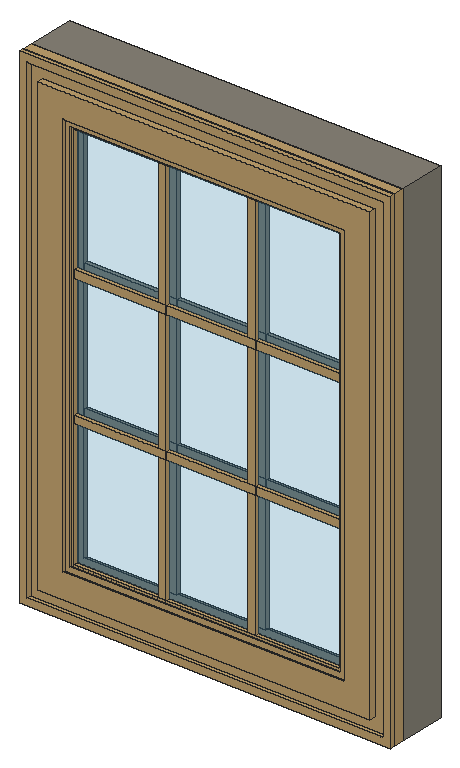
Revit family
Parameters (values of type "CMTT")
  Window Type = "Clad Magnum Tilt Turn"
  Vent Area = VO Width * VO Height  # 7.93663 SF
  VO Width = Width - 0' 8 1/8"  # 2' - 3 7/8"
  VO Height = Height - 0' 7"  # 3' - 5"
  URL = "www.marvin.com"
  Prairie Corner Width = 0' - 4"
  Prairie Corner Height = 0' - 4"
  Nominal Width = 3' - 0"
  Nominal Height = 4' - 0"
  Muntins Interior Material = Wood-Marvin-Pine
  Muntins Exterior Material = Aluminum-Marvin-Bronze
  Model = "CMTT"
  Manufacturer = "Marvin Windows and Doors"
  Lites Wide = 3
  Lites High = 3
  Lite Cut Prairie 9 = no
  Lite Cut HV Grid = not(Lite Cut Prairie 9)  # yes
  Label Visibility = no
  Label Egress = if(and(and(VO Width > 1' 8", VO Height > 2' 0"), Vent Area > 5.70 SF), "EGRESS WDW", "")  # "EGRESS WDW"
  Interior Material = Wood-Marvin-Pine
  Glazing Material = Glass-Marvin-IG Low E II with Argon
  Glass Type = "IG Low E II with Argon"
  Frame = "Aluminum Clad"
  Family created by = "www.rbuiltcomponents.com"
  Rough Width = Width + 0' 1"  # 3' - 1"
  Rough Height = Height + 0' 0 1/2"  # 4' - 0 1/2"
  Muntins Interior Visibility = yes
  Muntins Exterior Visibility = yes
  Jamb Extension Visibility = yes
  Inset to Installation Flange [instance] = 0' - 1"
  Height = Nominal Height  # 4' - 0"
  Elev Swing RH Visibility [instance] = yes
  Elev Swing LH Visibility [instance] = no
  Egress Window = if(and(and(VO Width > 1' 8", VO Height > 2' 0"), Vent Area > 5.70 SF), "Yes", "No")  # "Yes"
  Design Pressure = if(or(Width > 4' 0", Height > 6' 0"), "", "DP40")  # "DP40"
  Description = "TLT TRN"
  Default Head Height = 8' - 0"
  Wall Closure = (empty or 0)
  Width = Nominal Width  # 3' - 0"
  Daylight Area = DLO Width * DLO Height  # 6.80566 SF
  DLO Width = Width - 0' 10 1/8"  # 2' - 1 7/8"
  DLO Height = Height - 0' 10 1/8"  # 3' - 1 7/8"
  Cladding Material = Aluminum-Marvin-Bronze
  Assembly Code = ""
Reference planes (in)
  plane 1 "Center (Front/Back)": y = 0
  plane 2: z = 0
  plane 3 "Center (Left/Right)": x = -3
  plane 4 "Left": x = -21
  plane 5 "Right": x = 15
  plane 6 "Sill": z = 48
  plane 7 "Top": z = 96
  plane 8 "Inset": y = 2
  plane 9 "Jamb Ext Face": y = -2.5625
  plane 10: z = 72
  plane 11 "Glazing Face": y = -1.53125
  plane 12: y = -2.59375
Forms (in)
  Sweep 1, solid, material "Aluminum-Marvin-Bronze" <- "Cladding Material"
    path origin (0, -1.53125, 0) x (1, 0, 0) y (0, 0, 1)
      loop
        line (-21, 96) -> (-21, 48) -> (15, 48) -> (15, 96) -> (-21, 96)
    profile "Clad_Frame : Clad_Frame" origin (-21, -1.53125, 72) x (1, 0, 0) y (0, -1, 0)
      loop
        line (0.59458, -4.59375) -> (1.094, -1.33178) -> (1.52701, -1.08179) -> (2.50499, -1.08179) -> (2.938, -1.33178) -> (3.563, -1.33178) -> (3.563, -0.58179) -> (4.62225, -0.58179) -> (4.62225, -0.35179) -> (5.00909, -0.35179) -> (5.05853, 0) -> (0, 0) -> (0, -4.59375) -> (0.59458, -4.59375)
  Sweep 2, solid, material "Wood-Marvin-Pine" <- "Interior Material"
    path origin (0, -1.53125, 0) x (1, 0, 0) y (0, 0, 1)
      loop
        line (-21, 96) -> (-21, 48) -> (15, 48) -> (15, 96) -> (-21, 96)
    profile "Int_Frame : Int_Frame" origin (-21, -1.53125, 72) x (1, 0, 0) y (0, -1, 0)
      loop
        line (0, 1.031) -> (0, 0) -> (4.313, 0) -> (4.313, 0.9375) -> (5.063, 0.9375) -> (5.063, 1.3125) -> (4.844, 1.3125) -> (4.844, 1.4685) -> (4.313, 1.4685) -> (4.313, 1.656) -> (1.906, 1.656) -> (1.906, 1.031) -> (0, 1.031)
  Extrusion 3, solid, material "Wood-Marvin-Pine" <- "Interior Material", visible <- "Jamb Extension Visibility", detail levels medium+fine
    sketch origin (0, -2.5625, 0) x (1, 0, 0) y (0, 0, 1)
      loop
        line (-21, 96) -> (-21, 48) -> (15, 48) -> (15, 96) -> (-21, 96)
      loop
        line (-20.3125, 48.6875) -> (14.3125, 48.6875) -> (14.3125, 95.3125) -> (-20.3125, 95.3125) -> (-20.3125, 48.6875)
    from 0.03125 to 0.4375
  Extrusion 4, solid, material "Glass-Marvin-IG Low E II with Argon" <- "Glazing Material"
    sketch origin (0, -1.53125, 0) x (1, 0, 0) y (0, 0, 1)
      loop
        line (10.5, 91.5) -> (-16.5, 91.5) -> (-16.5, 52.5) -> (10.5, 52.5) -> (10.5, 91.5)
    from 0 to 0.15625
  Extrusion 5, solid, material "Glass-Marvin-IG Low E II with Argon" <- "Glazing Material"
    sketch origin (0, -1.53125, 0) x (1, 0, 0) y (0, 0, 1)
      loop
        line (10.5, 91.5) -> (-16.5, 91.5) -> (-16.5, 52.5) -> (10.5, 52.5) -> (10.5, 91.5)
    from 0.78125 to 0.90625
Lines and regions (in)
  Opening 1
    outline origin (-60, -3, 0) x (1, 0, 0) y (0, 0, 1)
      loop
        line (39, 96) -> (39, 48) -> (75, 48) -> (75, 96) -> (39, 96)
  Masking region 1
    outline origin (0, 0, 48) x (0, -1, 0) y (1, 0, 0)
      loop
        line (-3.0625, -21) -> (2.5625, -21) -> (2.5625, -19.094) -> (3.18725, -19.094) -> (3.18725, 13.094) -> (2.5625, 13.094) -> (2.5625, 15) -> (-3.0625, 15) -> (-3.0625, -21)
  Masking region 2
    outline origin (-3, 0, 0) x (0, 1, 0) y (0, 0, 1)
      loop
        line (3.0625, 96) -> (-2.5625, 96) -> (-2.5625, 94.094) -> (-3.18725, 94.094) -> (-3.18725, 49.906) -> (-2.5625, 49.906) -> (-2.5625, 48) -> (3.0625, 48) -> (3.0625, 96)
  Masking region 3, visible <- "Jamb Extension Visibility"
    outline origin (-3, 0, 0) x (0, 1, 0) y (0, 0, 1)
      loop
        line (-2.59375, 96) -> (-3, 96) -> (-3, 48) -> (-2.59375, 48) -> (-2.59375, 96)
  Masking region 4, visible <- "Jamb Extension Visibility"
    outline origin (0, 0, 0) x (1, 0, 0) y (0, 1, 0)
      loop
        line (15, -3) -> (15, -2.59375) -> (-21, -2.59375) -> (-21, -3) -> (15, -3)
  symbolic lines, style "Jamb Extension", visible <- "Jamb Extension Visibility", detail levels fine
    curve 1: line (-21, -3, 48) -> (-20.3125, -3, 48)
    curve 2: line (-20.3125, -3, 48) -> (-20.3125, -2.59375, 48)
    curve 3: line (15, -3, 48) -> (14.3125, -3, 48)
    curve 4: line (14.3125, -3, 48) -> (14.3125, -2.59375, 48)
    curve 5: line (-3, -3, 95.3125) -> (-3, -2.59375, 95.3125)
    curve 6: line (-3, -3, 48.6875) -> (-3, -2.59375, 48.6875)
  symbolic lines, style "WindowsFrameMullionProjection", detail levels coarse+medium
    curve 7: line (15, -2.5625, 0) -> (12.3745, -2.5625, 0)
    curve 8: line (12.3745, -2.5625, 0) -> (12.3745, -0.19947, 0)
    curve 9: line (14.40542, 3.0625, 0) -> (15, 3.0625, 0)
    curve 10: line (13.094, -3.18725, 0) -> (9.937, -3.18725, 0)
    curve 11: line (9.937, -3.18725, 0) -> (9.937, -0.94946, 0)
    curve 12: line (-18.3745, -0.94946, 0) -> (-15.937, -0.94946, 0)
    curve 13: line (-21, -2.5625, 0) -> (-18.3745, -2.5625, 0)
    curve 14: line (-18.3745, -2.5625, 0) -> (-18.3745, -0.19947, 0)
    curve 15: line (-20.40542, 3.0625, 0) -> (-21, 3.0625, 0)
    curve 16: line (-15.937, -3.18725, 0) -> (-15.937, -0.94946, 0)
    curve 17: line (-3, 3.0625, 96) -> (-3, 3.0625, 95.40542)
    curve 18: line (-3, -0.19947, 93.3745) -> (-3, -2.5625, 93.3745)
    curve 19: line (-3, -2.5625, 93.3745) -> (-3, -2.5625, 96)
    curve 20: line (-3, -0.94946, 93.3745) -> (-3, -0.94946, 90.937)
    curve 21: line (-3, -0.94946, 90.937) -> (-3, -3.18725, 90.937)
    curve 22: line (-3, -3.18725, 49.906) -> (-3, -3.18725, 53.063)
    curve 23: line (-3, 3.0625, 48) -> (-3, 3.0625, 48.59458)
    curve 24: line (-3, -0.19947, 50.6255) -> (-3, -2.5625, 50.6255)
    curve 25: line (-3, -2.5625, 50.6255) -> (-3, -2.5625, 48)
    curve 26: line (-3, -0.94946, 53.063) -> (-3, -3.18725, 53.063)
    curve 27: line (9.937, -3.18725, 0) -> (-15.937, -3.18725, 0)
    curve 28: line (9.937, -0.94946, 0) -> (12.3745, -0.94946, 0)
    curve 29: line (-15.937, -0.94946, 0) -> (9.937, -0.94946, 0)
    curve 30: line (-15.937, -3.18725, 0) -> (-19.094, -3.18725, 0)
    curve 31: line (-3, -3.18725, 53.063) -> (-3, -3.18725, 90.937)
    curve 32: line (-3, -0.94946, 53.063) -> (-3, -0.94946, 50.6255)
    curve 33: line (-3, -3.18725, 90.937) -> (-3, -3.18725, 94.094)
    curve 34: line (-3, -0.94946, 90.937) -> (-3, -0.94946, 53.063)
    curve 45: line (-19.906, -0.19947, 0) -> (-20.40542, 3.0625, 0)
    curve 46: line (-19.906, -0.19947, 0) -> (-18.3745, -0.19947, 0)
    curve 47: line (-19.094, -2.5625, 0) -> (-19.094, -3.18725, 0)
    curve 48: line (14.40542, 3.0625, 0) -> (13.906, -0.19947, 0)
    curve 49: line (12.3745, -0.19947, 0) -> (13.906, -0.19947, 0)
    curve 50: line (13.094, -3.18725, 0) -> (13.094, -2.5625, 0)
    curve 52: line (-3, -0.19947, 94.906) -> (-3, 3.0625, 95.40542)
    curve 53: line (-3, -0.19947, 93.3745) -> (-3, -0.19947, 94.906)
    curve 54: line (-3, -2.5625, 94.094) -> (-3, -3.18725, 94.094)
    curve 55: line (-3, -0.19947, 49.094) -> (-3, -0.19947, 50.6255)
    curve 56: line (-3, 3.0625, 48.59458) -> (-3, -0.19947, 49.094)
    curve 57: line (-3, -3.18725, 49.906) -> (-3, -2.5625, 49.906)
  symbolic lines, style "WindowsFrameMullionProjection", visible <- "Jamb Extension Visibility", detail levels coarse+medium
    curve 35: line (-20.3125, -2.59375, 48) -> (-20.3125, -3, 48)
    curve 36: line (-20.3125, -3, 48) -> (-21, -3, 48)
    curve 37: line (14.3125, -2.59375, 48) -> (14.3125, -3, 48)
    curve 38: line (14.3125, -3, 48) -> (15, -3, 48)
    curve 41: line (-3, -2.59375, 95.3125) -> (-3, -3, 95.3125)
    curve 42: line (-3, -3, 95.3125) -> (-3, -3, 96)
    curve 43: line (-3, -2.59375, 48.6875) -> (-3, -3, 48.6875)
    curve 44: line (-3, -3, 48.6875) -> (-3, -3, 48)
  symbolic lines, style "Jamb Extension", visible <- "Jamb Extension Visibility"
    curve 39: line (-3, -3, 48.6875) -> (-3, -3, 48)
    curve 40: line (-3, -3, 95.3125) -> (-3, -3, 96)
  symbolic lines, style "WindowsGlassProjection", detail levels coarse+medium
    curve 51: line (-15.937, -2.06835, 0) -> (9.937, -2.06835, 0)
    curve 58: line (-3, -2.06835, 53.063) -> (-3, -2.06835, 90.937)
  symbolic lines, style "Elevation Swing"
    curve 59: line (11.437, -1.53125, 92.437) -> (-3, -1.53125, 51.563)
    curve 60: line (-17.437, -1.53125, 92.437) -> (-3, -1.53125, 51.563)
  symbolic lines, style "Elevation Swing", visible <- "Elev Swing RH Visibility"
    curve 61: line (11.437, -1.53125, 51.563) -> (-17.437, -1.53125, 72)
    curve 62: line (11.437, -1.53125, 92.437) -> (-17.437, -1.53125, 72)
  symbolic lines, style "Elevation Swing", visible <- "Elev Swing LH Visibility"
    curve 63: line (-17.437, -1.53125, 51.563) -> (11.437, -1.53125, 72)
    curve 64: line (-17.437, -1.53125, 92.437) -> (11.437, -1.53125, 72)
Text (in)
  text "EXTERIOR" at (-58.6888, 50.90694, 0), in view "Ref. Level"
  text "INTERIOR" at (-58.6888, -37.76638, 0), in view "Ref. Level"
  text "Exterior" at (0, 43.65631, 123.19604), in view "Left"
  text "Exterior" at (0, 18.29385, 125.04747), in view "Right"
Dimensions and locks (in)
  equal spacing: plane 4 "Left", plane 3 "Center (Left/Right)", plane 5 "Right"
  "Width": plane 4 "Left" to plane 5 "Right"
  "Height": plane 6 "Sill" to plane 7 "Top"
  "Inset to Installation Flange": host wall to plane 8 "Inset"
  locked: plane 9 "Jamb Ext Face" to plane 8 "Inset" at 4.5625
  locked: Extrusion 4 sketch curve to plane 5 "Right" at 4.5
  locked: plane 4 "Left" to Extrusion 4 sketch curve at 4.5
  locked: Extrusion 4 sketch curve to plane 7 "Top" at 4.5
  locked: plane 6 "Sill" to Extrusion 4 sketch curve at 4.5
  equal spacing: plane 6 "Sill", plane 10, plane 7 "Top"
  "Default Head Height": plane 2 to plane 7 "Top"
  locked: Extrusion 3 sketch curve to Extrusion 3 sketch curve at 0.6875  (x2)
  locked: plane 7 "Top" to Extrusion 3 sketch curve at 0.6875
  locked: nested 4 to host wall at 12.00106
  locked: Extrusion 5 sketch curve to plane 7 "Top" at 4.5
  locked: Extrusion 5 sketch curve to plane 5 "Right" at 4.5
  locked: plane 6 "Sill" to Extrusion 5 sketch curve at 4.5
  locked: plane 4 "Left" to Extrusion 5 sketch curve at 4.5
  locked: plane 11 "Glazing Face" to Extrusion 4 at 0.15625
  locked: plane 11 "Glazing Face" to Extrusion 5 at 0.78125
  locked: plane 11 "Glazing Face" to Extrusion 5 at 0.90625
  locked: Extrusion 5 to Extrusion 5 at 0.125
  locked: nested 2 to plane 11 "Glazing Face" at 0.9375
  locked: plane 11 "Glazing Face" to plane 8 "Inset" at 3.53125
  locked: plane 12 to plane 9 "Jamb Ext Face" at 0.03125
  aligned and locked: plane 7 "Top" to Opening 1 sketch curve
  aligned and locked: plane 6 "Sill" to Opening 1 sketch curve  (x2)
  aligned and locked: plane 5 "Right" to Opening 1 sketch curve
  aligned and locked: plane 4 "Left" to Opening 1 sketch curve
  aligned and locked: nested 1 to plane 3 "Center (Left/Right)"
  aligned and locked: plane 8 "Inset" to nested 1
  aligned and locked: host wall to curve 1
  aligned and locked: curve 3 to host wall
  aligned and locked: plane 7 "Top" to Sweep 1 sketch curve
  aligned and locked: Sweep 1 sketch curve to plane 6 "Sill"
  aligned and locked: plane 5 "Right" to Sweep 1 sketch curve
  aligned and locked: Sweep 1 sketch curve to plane 4 "Left"
  aligned and locked: Sweep 2 sketch curve to plane 4 "Left"
  aligned and locked: plane 5 "Right" to Sweep 2 sketch curve
  aligned and locked: plane 7 "Top" to Sweep 2 sketch curve
  aligned and locked: Sweep 2 sketch curve to plane 6 "Sill"
  aligned and locked: Extrusion 3 sketch curve to plane 6 "Sill"
  aligned and locked: plane 5 "Right" to Extrusion 3 sketch curve
  aligned and locked: plane 10 to nested 2
  aligned and locked: nested 3 to plane 10
  aligned and locked: nested 3 to plane 3 "Center (Left/Right)"
  aligned and locked: plane 5 "Right" to Masking region 1 sketch curve
  aligned and locked: Masking region 1 sketch curve to plane 4 "Left"
  aligned and locked: plane 7 "Top" to Masking region 2 sketch curve
  aligned and locked: Masking region 2 sketch curve to plane 6 "Sill"
  aligned and locked: host wall to Extrusion 3
  aligned and locked: plane 3 "Center (Left/Right)" to nested 4
  aligned and locked: Extrusion 3 sketch curve to plane 4 "Left"
  aligned and locked: plane 7 "Top" to Extrusion 3 sketch curve
  aligned and locked: curve 5 to Extrusion 3
  aligned and locked: Extrusion 3 to curve 2  (x2)
  aligned and locked: curve 4 to Extrusion 3
  aligned and locked: plane 9 "Jamb Ext Face" to curve 13
  aligned and locked: curve 7 to plane 9 "Jamb Ext Face"
  aligned and locked: plane 4 "Left" to curve 36
  aligned and locked: curve 35 to Extrusion 3
  aligned and locked: curve 36 to host wall
  aligned and locked: plane 5 "Right" to curve 38
  aligned and locked: Extrusion 3 to curve 37  (x2)
  aligned and locked: host wall to curve 38
  aligned and locked: curve 25 to plane 9 "Jamb Ext Face"
  aligned and locked: plane 6 "Sill" to curve 39
  aligned and locked: Extrusion 3 to curve 39
  aligned and locked: curve 39 to host wall
  aligned and locked: plane 9 "Jamb Ext Face" to curve 19
  aligned and locked: plane 7 "Top" to curve 40
  aligned and locked: host wall to curve 42
  aligned and locked: Extrusion 3 to curve 41  (x2)
  aligned and locked: curve 43 to Extrusion 3
  aligned and locked: Extrusion 4 to plane 11 "Glazing Face"
  aligned and locked: plane 11 "Glazing Face" to nested 3
  aligned and locked: plane 3 "Center (Left/Right)" to nested 2
  aligned and locked: Sweep 1 to curve 15
  aligned and locked: curve 9 to Sweep 1
  aligned and locked: curve 10 to Sweep 2
  aligned and locked: curve 30 to Sweep 2
  aligned and locked: curve 16 to Sweep 2
  aligned and locked: curve 11 to Sweep 2
  aligned and locked: curve 12 to Sweep 1
  aligned and locked: curve 28 to Sweep 1
  aligned and locked: curve 14 to nested 1
  aligned and locked: Sweep 2 to curve 47
  aligned and locked: curve 46 to Sweep 1
  aligned and locked: curve 45 to Sweep 1
  aligned and locked: curve 48 to Sweep 1
  aligned and locked: Sweep 1 to curve 49
  aligned and locked: curve 8 to nested 1
  aligned and locked: curve 50 to Sweep 2
  aligned and locked: curve 16 to curve 51
  aligned and locked: curve 11 to curve 51
  aligned and locked: curve 17 to Sweep 1
  aligned and locked: curve 21 to Sweep 2
  aligned and locked: curve 26 to Sweep 2
  aligned and locked: curve 22 to Sweep 2
  aligned and locked: Sweep 1 to curve 32
  aligned and locked: curve 23 to Sweep 1
  aligned and locked: curve 52 to Sweep 1
  aligned and locked: Sweep 2 to curve 54
  aligned and locked: curve 56 to Sweep 1
  aligned and locked: curve 57 to Sweep 2
  aligned and locked: curve 26 to curve 58
  aligned and locked: curve 21 to curve 58
  aligned and locked: Masking region 2 sketch curve to Sweep 1
  aligned and locked: Masking region 1 sketch curve to Sweep 1
  aligned and locked: Sweep 1 to curve 53
  aligned and locked: curve 55 to Sweep 1
  aligned and locked: nested 5 to plane 8 "Inset"
  aligned and locked: nested 5 to plane 6 "Sill"
  aligned and locked: Extrusion 3 to curve 35
  aligned and locked: Extrusion 3 to curve 4
  aligned and locked: Extrusion 3 to curve 5
  aligned and locked: Extrusion 3 to curve 43
  aligned and locked: Extrusion 3 to curve 6
  aligned and locked: Extrusion 3 to plane 12
  aligned and locked: Masking region 2 sketch curve to plane 9 "Jamb Ext Face"
  aligned and locked: Masking region 2 sketch curve to Sweep 2  (x2)
  aligned and locked: Sweep 2 to Masking region 2 sketch curve
  aligned and locked: plane 7 "Top" to Masking region 3 sketch curve
  aligned and locked: Masking region 3 sketch curve to host wall
  aligned and locked: Masking region 1 sketch curve to plane 9 "Jamb Ext Face"
  aligned and locked: Masking region 1 sketch curve to Sweep 2  (x3)
  aligned and locked: plane 5 "Right" to Masking region 4 sketch curve
  aligned and locked: Masking region 4 sketch curve to host wall
  aligned and locked: Masking region 4 sketch curve to plane 4 "Left"
  aligned and locked: plane 6 "Sill" to Masking region 3 sketch curve
  aligned and locked: plane 12 to Masking region 4 sketch curve
  aligned and locked: plane 12 to Masking region 3 sketch curve
  aligned and locked: curve 59 to Sweep 1
  aligned and locked: Sweep 1 to curve 59
  aligned and locked: curve 60 to Sweep 1
  aligned and locked: curve 61 to Sweep 1  (x2)
  aligned and locked: curve 63 to Sweep 1
  aligned and locked: Sweep 1 to curve 63
Automatic sketch dimensions
  Extrusion 3 sketch curve to plane 4 "Left" = 0' - 0 11/16"
  Masking region 2 sketch curve to plane 9 "Jamb Ext Face" = 0' - 0"
  Masking region 1 sketch curve to plane 9 "Jamb Ext Face" = 0' - 0"
  curve 15 to plane 4 "Left" = 0' - 0"
  curve 9 to plane 5 "Right" = 0' - 0"
  curve 51 to plane 9 "Jamb Ext Face" = 0' - 0.49415"
  curve 13 to plane 4 "Left" = 0' - 0"
  curve 7 to plane 5 "Right" = 0' - 0"
  curve 25 to plane 6 "Sill" = 0' - 0"
  curve 23 to plane 6 "Sill" = 0' - 0"
  curve 17 to plane 7 "Top" = 0' - 0"
  curve 19 to plane 7 "Top" = 0' - 0"
  curve 58 to plane 9 "Jamb Ext Face" = 0' - 0.49415"
  curve 55 to curve 24 = 0' - 1.5315"
  curve 20 to curve 52 = 0' - 1.5315"
  curve 1 to plane 4 "Left" = 0' - 0"
  curve 3 to plane 5 "Right" = 0' - 0"
  curve 60 to plane 3 "Center (Left/Right)" = 0' - 0"
  curve 64 to plane 10 = 0' - 0"
  curve 61 to plane 10 = 0' - 0"
  curve 63 to plane 6 "Sill" = 0' - 3.563"
  curve 61 to plane 6 "Sill" = 0' - 3.563"
  plane 7 "Top" to curve 60 = 0' - 3.563"
  plane 7 "Top" to curve 62 = 0' - 3.563"
Nested families (in)
  nested 1: "Plan_Detail" at (-3, 2, 48) x (-1, 0, 0) z (0, 0, -1), type "Plan_Detail", detail levels fine
  nested 2: "Muntins" at (-3, -2.46875, 17.21875), visible <- "Muntins Interior Visibility", Muntin Material <- "Muntins Interior Material", type "Muntins"
    with MuntinDepth 0' - 0 11/32", Muntin Material Wood-Marvin-Pine, Muntin Extension 0' - 0 1/8", GlazingWidth 2' - 1 7/8", GlazingHeight 3' - 1 7/8", Width 2' - 2", Height 3' - 2", Inset Vert 0' - 8.29167", Inset Horiz 1' - 0.29167"
  nested 3: "Muntins" at (-3, -1.53125, 17.21875), visible <- "Muntins Exterior Visibility", Muntin Material <- "Muntins Exterior Material", type "Muntins"
    with MuntinDepth 0' - 0 11/32", Muntin Material Aluminum-Marvin-Bronze, Muntin Extension 0' - 0 1/8", GlazingWidth 2' - 1 7/8", GlazingHeight 3' - 1 7/8", Width 2' - 2", Height 3' - 2", Inset Vert 0' - 8.29167", Inset Horiz 1' - 0.29167"
  nested 4: "Label Annotation 1-16 w7" at (-3, 15.00106, 0), visible <- "Label Visibility", type "Label Annotation 1-16 w7"
    with Nominal Width 3' - 0", Nominal Height 4' - 0"
  nested 5: "Section_Detail" at (-3, 2, 48) x (0, -1, 0) z (1, 0, 0), type "Section_Detail", detail levels fine
    with Height 4' - 0"
Definition of nested family "Muntins"
  Parameters (values of type "Muntins")
    PrairieMuntVisible = no
    Prairie Corner Width = 0' - 4"
    Prairie Corner Height = 0' - 4"
    Muntin Extension = 0' - 0 7/16"
    GridMuntVisible = yes
    GlazingWidth = 2' - 0"
    GlazingHeight = 2' - 11 1/8"
    Width = GlazingWidth + Muntin Extension  # 2' - 0 7/16"
    VerticalMuntins = if(LitesHorizontal < 3, 2, LitesHorizontal - 1)  # 2
    VertMuntVisible = and(GridMuntVisible, LitesHorizontal > 2)  # yes
    MuntinWidth = 0' - 0 3/4"
    MuntinDepth [instance] = 0' - 0 3/8"
    Muntin Material [instance] = none
    LitesVertical = 3
    LitesHorizontal = 3
    HorizontalMuntins = if(LitesVertical < 3, 2, LitesVertical - 1)  # 2
    HorizMuntVisible = and(GridMuntVisible, LitesVertical > 2)  # yes
    Height = GlazingHeight + Muntin Extension  # 2' - 11 9/16"
    Inset Vert = if(LitesHorizontal < 3, (Width / 3) - (MuntinWidth / 2), (Width / LitesHorizontal) - (MuntinWidth / 2))  # 0' - 7.77083"
    Inset Horiz = if(LitesVertical < 3, (Height / 3) - (MuntinWidth / 2), (Height / LitesVertical) - (MuntinWidth / 2))  # 0' - 11.47917"
    CenterMuntinVertical = and(GridMuntVisible, LitesHorizontal = 2)  # no
    CenterMuntinHorizontal = and(GridMuntVisible, LitesVertical = 2)  # no
    Assembly Code = ""
  Reference planes (in)
    plane 1 "Center (Front/Back)": y = 0
    plane 2: z = 0
    plane 3 "Center (Left/Right)": x = 0
    plane 4: z = 35.78125
    plane 5: z = 53.5625
    plane 6: z = 71.34375
    plane 7: z = 59.86458
    plane 8: z = 47.26042
    plane 9: z = 71.125
    plane 10: z = 36
    plane 11: x = -12
    plane 12: x = 12
    plane 13: x = -4.44792
    plane 14: x = -12.21875
    plane 15: x = 12.21875
    plane 16: x = 4.44792
    plane 17: z = 67.125
    plane 18: z = 40
    plane 19: x = -8
    plane 20: x = 8
  Forms (in)
    Extrusion 1, solid, material <- "Muntin Material", visible <- "CenterMuntinVertical", detail levels medium+fine
      sketch origin (9, 0, 0) x (1, 0, 0) y (0, 0, 1)
        loop
          line (-9.375, 71.34375) -> (-9.375, 35.78125) -> (-8.625, 35.78125) -> (-8.625, 71.34375) -> (-9.375, 71.34375)
      from 0 to 0.375 <- "MuntinDepth"
    Extrusion 2, solid, material <- "Muntin Material", visible <- "CenterMuntinHorizontal", detail levels medium+fine
      sketch origin (-0.0013, 0, 14.6875) x (1, 0, 0) y (0, 0, 1)
        loop
          line (-12.21745, 39.25) -> (-12.21745, 38.5) -> (12.22005, 38.5) -> (12.22005, 39.25) -> (-12.21745, 39.25)
      from 0 to 0.375 <- "MuntinDepth"
    Extrusion 3, solid, material <- "Muntin Material", visible <- "VertMuntVisible", detail levels medium+fine
      sketch origin (4.92708, 0, -2.90625) x (1, 0, 0) y (0, 0, 1)
        loop
          line (-9.375, 74.25) -> (-9.375, 38.6875) -> (-8.625, 38.6875) -> (-8.625, 74.25) -> (-9.375, 74.25)
      from 0 to 0.375 <- "MuntinDepth"
    Extrusion 4, solid, material <- "Muntin Material", visible <- "HorizMuntVisible", detail levels medium+fine
      sketch origin (-3.09635, 0, 14.17708) x (1, 0, 0) y (0, 0, 1)
        loop
          line (-9.1224, 45.6875) -> (-9.1224, 44.9375) -> (15.3151, 44.9375) -> (15.3151, 45.6875) -> (-9.1224, 45.6875)
      from 0 to 0.375 <- "MuntinDepth"
    Extrusion 5, solid, material <- "Muntin Material", visible <- "HorizMuntVisible", detail levels medium+fine
      sketch origin (-3.09635, 0, 2.32292) x (1, 0, 0) y (0, 0, 1)
        loop
          line (-9.1224, 45.6875) -> (-9.1224, 44.9375) -> (15.3151, 44.9375) -> (15.3151, 45.6875) -> (-9.1224, 45.6875)
      from 0 to 0.375 <- "MuntinDepth"
    Extrusion 6, solid, material <- "Muntin Material", visible <- "VertMuntVisible", detail levels medium+fine
      sketch origin (13.07292, 0, -2.90625) x (1, 0, 0) y (0, 0, 1)
        loop
          line (-9.375, 74.25) -> (-9.375, 38.6875) -> (-8.625, 38.6875) -> (-8.625, 74.25) -> (-9.375, 74.25)
      from 0 to 0.375 <- "MuntinDepth"
    Extrusion 7, solid, material <- "Muntin Material", visible <- "PrairieMuntVisible", detail levels medium+fine
      sketch origin (1, 0, 0) x (1, 0, 0) y (0, 0, 1)
        loop
          line (-9, 71.34375) -> (-9, 35.78125) -> (-8.25, 35.78125) -> (-8.25, 71.34375) -> (-9, 71.34375)
      from 0 to 0.375 <- "MuntinDepth"
    Extrusion 8, solid, material <- "Muntin Material", visible <- "PrairieMuntVisible", detail levels medium+fine
      sketch origin (17, 0, 0) x (1, 0, 0) y (0, 0, 1)
        loop
          line (-9.75, 71.34375) -> (-9.75, 35.78125) -> (-9, 35.78125) -> (-9, 71.34375) -> (-9.75, 71.34375)
      from 0 to 0.375 <- "MuntinDepth"
    Extrusion 9, solid, material <- "Muntin Material", visible <- "PrairieMuntVisible", detail levels medium+fine
      sketch origin (-0.0013, 0, 28.25) x (1, 0, 0) y (0, 0, 1)
        loop
          line (-12.21745, 38.875) -> (-12.21745, 38.125) -> (12.22005, 38.125) -> (12.22005, 38.875) -> (-12.21745, 38.875)
      from 0 to 0.375 <- "MuntinDepth"
    Extrusion 10, solid, material <- "Muntin Material", visible <- "PrairieMuntVisible", detail levels medium+fine
      sketch origin (-0.0013, 0, 1.125) x (1, 0, 0) y (0, 0, 1)
        loop
          line (-12.21745, 39.625) -> (-12.21745, 38.875) -> (12.22005, 38.875) -> (12.22005, 39.625) -> (-12.21745, 39.625)
      from 0 to 0.375 <- "MuntinDepth"
  Cuts and joins
    joined: Extrusion 7, Extrusion 8, Extrusion 9, Extrusion 10
  Lines and regions (in)
    model lines, style "Muntins", visible <- "CenterMuntinHorizontal", detail levels coarse
      curve 1: line (-12.21875, 0, 53.5625) -> (12.21875, 0, 53.5625)
    model lines, style "Muntins", visible <- "HorizMuntVisible", detail levels coarse
      curve 2: line (-12.21875, 0, 59.48958) -> (12.21875, 0, 59.48958)
      curve 3: line (-12.21875, 0, 47.63542) -> (12.21875, 0, 47.63542)
    model lines, style "Muntins", visible <- "CenterMuntinVertical", detail levels coarse
      curve 4: line (0, 0, 71.34375) -> (0, 0, 35.78125)
    model lines, style "Muntins", visible <- "VertMuntVisible", detail levels coarse
      curve 5: line (-4.07292, 0, 71.34375) -> (-4.07292, 0, 35.78125)
      curve 6: line (4.07292, 0, 71.34375) -> (4.07292, 0, 35.78125)
    model lines, style "Muntins", visible <- "PrairieMuntVisible", detail levels coarse
      curve 7: line (-12.21875, 0, 66.75) -> (12.21875, 0, 66.75)
      curve 8: line (-12.21875, 0, 40.375) -> (12.21875, 0, 40.375)
      curve 9: line (-7.625, 0, 35.78125) -> (-7.625, 0, 71.34375)
      curve 10: line (7.625, 0, 35.78125) -> (7.625, 0, 71.34375)
  Dimensions and locks (in)
    "Inset Horiz": plane 6 to plane 7
    "Inset Horiz": plane 8 to plane 4
    equal spacing: plane 6, plane 5, plane 4
    "Height": plane 6 to plane 4
    "GlazingHeight": plane 9 to plane 10
    equal spacing: plane 9, plane 5, plane 10
    "GlazingWidth": plane 12 to plane 11
    equal spacing: plane 12, plane 3 "Center (Left/Right)", plane 11
    "MuntinWidth": Extrusion 1 sketch curve to Extrusion 1 sketch curve
    "Height": Extrusion 1 sketch curve to Extrusion 1 sketch curve
    "MuntinWidth": Extrusion 2 sketch curve to Extrusion 2 sketch curve
    "Width": Extrusion 2 sketch curve to Extrusion 2 sketch curve
    "MuntinWidth": Extrusion 3 sketch curve to Extrusion 3 sketch curve
    "Height": Extrusion 3 sketch curve to Extrusion 3 sketch curve
    "Width": plane 15 to plane 14
    equal spacing: plane 15, plane 3 "Center (Left/Right)", plane 14
    "Inset Vert": plane 13 to plane 14
    "Inset Vert": plane 15 to plane 16
    "MuntinWidth": Extrusion 4 sketch curve to Extrusion 4 sketch curve
    "Width": Extrusion 4 sketch curve to Extrusion 4 sketch curve
    "MuntinWidth": Extrusion 5 sketch curve to Extrusion 5 sketch curve
    "Width": Extrusion 5 sketch curve to Extrusion 5 sketch curve
    group 2 to group 3 = 0' - 0"  (x2)
    group 3 to group 2 = 0' - 11.85417"
    "MuntinWidth": Extrusion 6 sketch curve to Extrusion 6 sketch curve
    "Height": Extrusion 6 sketch curve to Extrusion 6 sketch curve
    group 4 to group 5 = 0' - 8.14583"
    group 4 to group 5 = 0' - 0"  (x2)
    "Prairie Corner Width": plane 19 to plane 11
    "Prairie Corner Width": plane 20 to plane 12
    "Prairie Corner Height": plane 9 to plane 17
    "Prairie Corner Height": plane 18 to plane 10
    "MuntinWidth": Extrusion 7 sketch curve to Extrusion 7 sketch curve
    "Height": Extrusion 7 sketch curve to Extrusion 7 sketch curve
    "MuntinWidth": Extrusion 8 sketch curve to Extrusion 8 sketch curve
    "Height": Extrusion 8 sketch curve to Extrusion 8 sketch curve
    "MuntinWidth": Extrusion 9 sketch curve to Extrusion 9 sketch curve
    "Width": Extrusion 9 sketch curve to Extrusion 9 sketch curve
    "MuntinWidth": Extrusion 10 sketch curve to Extrusion 10 sketch curve
    "Width": Extrusion 10 sketch curve to Extrusion 10 sketch curve
    aligned and locked: plane 6 to Extrusion 1  (x2)
    aligned and locked: Extrusion 1 to plane 4  (x3)
    aligned and locked: Extrusion 3 to plane 13  (x5)
    aligned and locked: Extrusion 3 to plane 4  (x3)
    aligned and locked: Extrusion 2 to plane 14
    aligned and locked: plane 15 to Extrusion 2
    aligned and locked: plane 6 to Extrusion 3
    aligned and locked: plane 7 to Extrusion 4
    aligned and locked: Extrusion 4 to plane 14
    aligned and locked: plane 15 to Extrusion 4
    aligned and locked: curve 1 to plane 5
    aligned and locked: plane 14 to curve 1
    aligned and locked: plane 15 to curve 1
    aligned and locked: Extrusion 5 to plane 14
    aligned and locked: Extrusion 5 to plane 8
    aligned and locked: plane 15 to Extrusion 5
    aligned and locked: Extrusion 5 to curve 3  (x2)
    aligned and locked: Extrusion 4 to curve 2  (x2)
    aligned and locked: curve 4 to plane 3 "Center (Left/Right)"
    aligned and locked: Extrusion 1 to curve 4  (x2)
    aligned and locked: Extrusion 3 to curve 5  (x2)
    aligned and locked: Extrusion 6 to curve 6  (x2)
    aligned and locked: Extrusion 6 to plane 16
    aligned and locked: plane 6 to Extrusion 6
    aligned and locked: plane 6 to curve 6
    aligned and locked: Extrusion 6 to plane 4
    aligned and locked: plane 4 to curve 6
    aligned and locked: cut or joined group of Extrusion 7, Extrusion 8, Extrusion 9, Extrusion 10 to plane 19
    aligned and locked: plane 20 to cut or joined group of Extrusion 7, Extrusion 8, Extrusion 9, Extrusion 10
    aligned and locked: plane 17 to cut or joined group of Extrusion 7, Extrusion 8, Extrusion 9, Extrusion 10
    aligned and locked: cut or joined group of Extrusion 7, Extrusion 8, Extrusion 9, Extrusion 10 to plane 18
    aligned and locked: cut or joined group of Extrusion 7, Extrusion 8, Extrusion 9, Extrusion 10 to curve 7  (x2)
    aligned and locked: cut or joined group of Extrusion 7, Extrusion 8, Extrusion 9, Extrusion 10 to curve 8  (x2)
    aligned and locked: cut or joined group of Extrusion 7, Extrusion 8, Extrusion 9, Extrusion 10 to curve 9  (x2)
    aligned and locked: cut or joined group of Extrusion 7, Extrusion 8, Extrusion 9, Extrusion 10 to curve 10  (x2)
  Automatic sketch dimensions
    Extrusion 1 sketch curve to plane 4 = 0' - 0"
    Extrusion 1 sketch curve to plane 3 "Center (Left/Right)" = 0' - 0 3/8"
    Extrusion 2 sketch curve to plane 14 = 0' - 0"
    Extrusion 2 sketch curve to plane 5 = 0' - 0 3/8"
    Extrusion 7 sketch curve to plane 4 = 0' - 0"
    Extrusion 7 sketch curve to plane 19 = 0' - 0"
    Extrusion 8 sketch curve to plane 4 = 0' - 0"
    Extrusion 8 sketch curve to plane 20 = 0' - 0 3/4"
    Extrusion 9 sketch curve to plane 14 = 0' - 0"
    Extrusion 9 sketch curve to plane 17 = 0' - 0 3/4"
    Extrusion 10 sketch curve to plane 14 = 0' - 0"
    Extrusion 10 sketch curve to plane 18 = 0' - 0"
    plane 19 to curve 9 = 0' - 0 3/8"
    curve 10 to plane 20 = 0' - 0 3/8"
    plane 18 to curve 8 = 0' - 0 3/8"
    curve 7 to plane 17 = 0' - 0 3/8"
Definition of nested family "Plan_Detail"
  Parameters (values of type "Plan_Detail")
    Width = 3' - 0"
    Assembly Code = ""
  Reference planes (in)
    plane 1 "Center (Front/Back)": y = 0
    plane 2: z = 0
    plane 3 "Center (Left/Right)": x = 0
    plane 4: x = -18
    plane 5: x = 18
  Lines and regions (in)
    detail lines, style "DetailComponentsHiddenLines", in view "Ref. Level"
      curve 1: line (-13.767, -2.56546, 0) -> (13.767, -2.56546, 0)
    detail lines, style "Cut Lines", in view "Ref. Level"
      curve 2: line (-13.50025, -3.57471, 0) -> (13.50025, -3.57471, 0)
      curve 3: line (-13.50025, -3.69971, 0) -> (13.50025, -3.69971, 0)
      curve 4: line (-13.50025, -4.32471, 0) -> (13.50025, -4.32471, 0)
      curve 5: line (-13.50025, -4.44971, 0) -> (13.50025, -4.44971, 0)
  Dimensions and locks (in)
    equal spacing: plane 4, plane 3 "Center (Left/Right)", plane 5
    "Width": plane 4 to plane 5
    aligned and locked: plane 4 to nested 1
    aligned and locked: plane 1 "Center (Front/Back)" to nested 1
    aligned and locked: nested 2 to plane 5
    aligned and locked: nested 2 to plane 1 "Center (Front/Back)"
    aligned and locked: curve 1 to nested 1
    aligned and locked: nested 1 to curve 1
    aligned and locked: curve 1 to nested 2
    aligned and locked: curve 2 to nested 1  (x2)
    aligned and locked: nested 1 to curve 3
    aligned and locked: curve 3 to nested 1
    aligned and locked: nested 1 to curve 4
    aligned and locked: curve 4 to nested 1
    aligned and locked: curve 5 to nested 1  (x2)
    aligned and locked: curve 2 to nested 2
    aligned and locked: nested 2 to curve 3
    aligned and locked: nested 2 to curve 4
    aligned and locked: curve 5 to nested 2
  Nested families (in)
    nested 1: "Jamb_Detail" at (-18, 0, 0), type "Jamb_Detail", in view "Ref. Level"
    nested 2: "Jamb_Detail" at (18, 0, 0) x (-1, 0, 0) z (0, 0, 1), type "Jamb_Detail", in view "Ref. Level"
  Definition of nested family "Jamb_Detail"
    Reference planes (in)
      plane 1 "Center (Front/Back)": y = 0
      plane 2: z = 0
      plane 3 "Center (Left/Right)": x = 0
    Lines and regions (in)
      detail lines, style "Cut Lines", in view "Ref. Level"
        curve 1: line (0, -4.5625, 0) -> (0, 1.0625, 0)
        curve 2: line (0.59458, 1.0625, 0) -> (1.094, -2.19947, 0)
        curve 3: line (1.52701, -2.44946, 0) -> (2.50499, -2.44946, 0)
        curve 4: line (2.50499, -2.44946, 0) -> (2.938, -2.19947, 0)
        curve 5: line (2.938, -2.19947, 0) -> (3.563, -2.19947, 0)
        curve 6: line (3.563, -2.51546, 0) -> (3.563, -2.19947, 0)
        curve 7: line (2.6255, -4.5625, 0) -> (0, -4.5625, 0)
        curve 8: line (1.906, -5.1875, 0) -> (1.906, -4.5625, 0)
        curve 9: line (1.906, -5.1875, 0) -> (4.313, -5.1875, 0)
        curve 10: line (4.313, -5.1875, 0) -> (4.313, -5.01196, 0)
        curve 11: line (4.313, -5.01196, 0) -> (4.844, -5.01196, 0)
        curve 12: line (5.063, -4.85596, 0) -> (5.063, -4.48096, 0)
        curve 13: line (5.00909, -3.17946, 0) -> (5.05853, -3.53125, 0)
        curve 14: line (4.62225, -3.17946, 0) -> (5.00909, -3.17946, 0)
        curve 15: line (4.62225, -2.94946, 0) -> (4.62225, -3.17946, 0)
        curve 16: line (2.938, -2.94946, 0) -> (4.62225, -2.94946, 0)
        curve 17: line (4.233, -2.56546, 0) -> (4.233, -2.94946, 0)
        curve 18: line (4.169, -2.66746, 0) -> (4.169, -2.82746, 0)
        curve 19: line (5.05853, -3.53125, 0) -> (4.313, -3.53125, 0)
        curve 20: line (3.927, -2.51546, 0) -> (3.563, -2.51546, 0)
        curve 21: line (3.927, -2.82746, 0) -> (3.927, -2.51546, 0)
        curve 22: line (4.169, -2.82746, 0) -> (3.927, -2.82746, 0)
        curve 23: line (5.063, -4.48096, 0) -> (4.313, -4.48096, 0)
        curve 24: line (5.063, -4.85596, 0) -> (4.844, -4.85596, 0)
        curve 25: line (4.844, -4.85596, 0) -> (4.844, -5.01196, 0)
        curve 26: line (4.313, -4.48096, 0) -> (4.313, -3.53125, 0)
        curve 27: line (2.188, -3.57447, 0) -> (2.188, -4.5625, 0)
        curve 28: line (2.6255, -4.5625, 0) -> (2.6255, -3.69946, 0)
        curve 29: line (2.938, -2.94946, 0) -> (2.938, -3.57447, 0)
        curve 30: line (2.938, -3.57447, 0) -> (2.188, -3.57447, 0)
        curve 31: line (3.1255, -2.94946, 0) -> (3.1255, -3.69946, 0)
        curve 32: line (2.6255, -3.69946, 0) -> (3.1255, -3.69946, 0)
        curve 33: line (4.137, -2.56546, 0) -> (4.233, -2.56546, 0)
        curve 34: line (4.137, -2.56546, 0) -> (4.137, -2.66746, 0)
        curve 35: line (4.137, -2.66746, 0) -> (4.169, -2.66746, 0)
        curve 36: line (1.52701, -2.44946, 0) -> (1.094, -2.19947, 0)
        curve 37: line (0.59458, 1.0625, 0) -> (0, 1.0625, 0)
        curve 38: line (0, 0.045, 0) -> (-1.50501, 0.045, 0)
        curve 39: line (-0.155, 0, 0) -> (-1.50501, 0, 0)
        curve 40: line (0, -0.11, 0) -> (-0.155, -0.11, 0)
        curve 41: line (-0.155, 0, 0) -> (-0.155, -0.11, 0)
        curve 42: line (-1.50501, 0.045, 0) -> (-1.50501, 0, 0)
        curve 43: line (4.87475, -4.32471, 0) -> (4.87475, -3.69971, 0)
        curve 44: line (4.62475, -3.69971, 0) -> (4.62475, -4.32471, 0)
        curve 45: line (4.49975, -3.57471, 0) -> (4.49975, -3.69971, 0)
        curve 46: line (4.49975, -4.44971, 0) -> (4.49975, -4.32471, 0)
Definition of nested family "Label Annotation 1-16 w7"
  Parameters
    Nominal Width = 0' - 0"
    Nominal Height = 0' - 0"
    Label = ""
    Egress Info = "EGRESS WDW"
    Description = "TLT TRN"
  Reference planes (in)
    plane 1: y = 0
    plane 2: x = 0
  Text (in)
    label "Nominal Width X Nominal Height Description Egress Info" at (0.00375, -0.00345, 0), shows "Nominal Width", "Nominal Height", "Description", "Egress Info"
Definition of nested family "Section_Detail"
  Parameters (values of type "Section_Detail")
    Height = 3' - 11 1/8"
    Assembly Code = ""
  Reference planes (in)
    plane 1 "Center (Front/Back)": y = 0
    plane 2: z = 0
    plane 3 "Center (Left/Right)": x = 0
    plane 4: y = 47.125
  Lines and regions (in)
    detail lines, style "DetailComponentsHiddenLines", in view "Ref. Level"
      curve 1: line (2.56546, 3.42062, 0) -> (2.56546, 42.892, 0)
    detail lines, style "Cut Lines", in view "Ref. Level"
      curve 2: line (3.57471, 4.49975, 0) -> (3.57471, 42.62525, 0)
      curve 3: line (3.69971, 4.49975, 0) -> (3.69971, 42.62525, 0)
      curve 4: line (4.32471, 4.49975, 0) -> (4.32471, 42.62525, 0)
      curve 5: line (4.44971, 4.49975, 0) -> (4.44971, 42.62525, 0)
  Dimensions and locks (in)
    "Height": plane 4 to plane 1 "Center (Front/Back)"
    aligned and locked: plane 3 "Center (Left/Right)" to nested 2
    aligned and locked: plane 3 "Center (Left/Right)" to nested 1
    aligned and locked: plane 1 "Center (Front/Back)" to nested 1
    aligned and locked: nested 2 to plane 4
    aligned and locked: curve 1 to nested 1
    aligned and locked: nested 1 to curve 1
    aligned and locked: curve 1 to nested 2
    aligned and locked: curve 2 to nested 1  (x2)
    aligned and locked: nested 1 to curve 3
    aligned and locked: curve 3 to nested 1
    aligned and locked: nested 1 to curve 4
    aligned and locked: curve 4 to nested 1
    aligned and locked: curve 5 to nested 1  (x2)
  Automatic sketch dimensions
    curve 3 to curve 1 = 0' - 0.26675"
    curve 2 to curve 3 = 0' - 0"
    curve 3 to curve 5 = 0' - 0"
    curve 4 to curve 5 = 0' - 0"
  Nested families (in)
    nested 1: "Sill_Detail" at (0, 0, 0), type "Sill_Detail", in view "Ref. Level"
    nested 2: "Head_Detail" at (0, 47.125, 0), type "Head_Detail", in view "Ref. Level"
  Definition of nested family "Sill_Detail"
    Reference planes (in)
      plane 1 "Center (Front/Back)": y = 0
      plane 2: z = 0
      plane 3 "Center (Left/Right)": x = 0
    Lines and regions (in)
      detail lines, style "Cut Lines", in view "Ref. Level"
        curve 1: line (4.5625, 0, 0) -> (-1.0625, 0, 0)
        curve 2: line (-1.0625, 0.59458, 0) -> (2.196, 1.09347, 0)
        curve 3: line (4.5625, 2.6255, 0) -> (4.5625, 0, 0)
        curve 4: line (5.1875, 1.906, 0) -> (4.5625, 1.906, 0)
        curve 5: line (5.1875, 1.906, 0) -> (5.1875, 4.313, 0)
        curve 6: line (5.1875, 4.313, 0) -> (5.01196, 4.313, 0)
        curve 7: line (5.01196, 4.313, 0) -> (5.01196, 4.844, 0)
        curve 8: line (4.85596, 5.063, 0) -> (4.48096, 5.063, 0)
        curve 9: line (3.17946, 5.00909, 0) -> (3.53125, 5.05853, 0)
        curve 10: line (3.17946, 4.62225, 0) -> (3.17946, 5.00909, 0)
        curve 11: line (2.94946, 4.62225, 0) -> (3.17946, 4.62225, 0)
        curve 12: line (2.94946, 2.938, 0) -> (2.94946, 4.62225, 0)
        curve 13: line (2.56546, 3.42062, 0) -> (2.94946, 3.42062, 0)
        curve 14: line (2.66746, 3.35662, 0) -> (2.82746, 3.35662, 0)
        curve 15: line (3.53125, 5.05853, 0) -> (3.53125, 4.313, 0)
        curve 16: line (2.51546, 3.11462, 0) -> (2.51546, 1.875, 0)
        curve 17: line (2.82746, 3.11462, 0) -> (2.51546, 3.11462, 0)
        curve 18: line (2.82746, 3.35662, 0) -> (2.82746, 3.11462, 0)
        curve 19: line (4.48096, 5.063, 0) -> (4.48096, 4.313, 0)
        curve 20: line (4.85596, 5.063, 0) -> (4.85596, 4.844, 0)
        curve 21: line (4.85596, 4.844, 0) -> (5.01196, 4.844, 0)
        curve 22: line (4.48096, 4.313, 0) -> (3.53125, 4.313, 0)
        curve 23: line (3.57447, 2.188, 0) -> (4.5625, 2.188, 0)
        curve 24: line (4.5625, 2.6255, 0) -> (3.69946, 2.6255, 0)
        curve 25: line (2.94946, 2.938, 0) -> (3.57447, 2.938, 0)
        curve 26: line (3.57447, 2.938, 0) -> (3.57447, 2.188, 0)
        curve 27: line (2.94946, 3.1255, 0) -> (3.69946, 3.1255, 0)
        curve 28: line (3.69946, 2.6255, 0) -> (3.69946, 3.1255, 0)
        curve 29: line (2.56546, 3.32462, 0) -> (2.56546, 3.42062, 0)
        curve 30: line (2.56546, 3.32462, 0) -> (2.66746, 3.32462, 0)
        curve 31: line (2.66746, 3.32462, 0) -> (2.66746, 3.35662, 0)
        curve 32: line (-1.0625, 0.59458, 0) -> (-1.0625, 0, 0)
        curve 33: line (-0.045, 0, 0) -> (-0.045, -1.50501, 0)
        curve 34: line (0, -0.155, 0) -> (0, -1.50501, 0)
        curve 35: line (0.11, 0, 0) -> (0.11, -0.155, 0)
        curve 36: line (0, -0.155, 0) -> (0.11, -0.155, 0)
        curve 37: line (-0.045, -1.50501, 0) -> (0, -1.50501, 0)
        curve 38: line (4.32471, 4.87475, 0) -> (3.69971, 4.87475, 0)
        curve 39: line (3.69971, 4.62475, 0) -> (4.32471, 4.62475, 0)
        curve 40: line (3.57471, 4.49975, 0) -> (3.69971, 4.49975, 0)
        curve 41: line (4.44971, 4.49975, 0) -> (4.32471, 4.49975, 0)
        curve 42: line (2.196, 1.57098, 0) -> (2.94946, 1.67687, 0)
        curve 43: line (2.196, 1.57098, 0) -> (2.196, 1.09347, 0)
        curve 44: line (2.94946, 1.67687, 0) -> (2.94946, 2.41, 0)
        curve 45: line (2.598, 2.41, 0) -> (2.598, 1.875, 0)
        curve 46: line (2.51546, 1.875, 0) -> (2.598, 1.875, 0)
        curve 47: line (2.598, 2.41, 0) -> (2.94946, 2.41, 0)
  Definition of nested family "Head_Detail"
    Reference planes (in)
      plane 1 "Center (Front/Back)": y = 0
      plane 2: z = 0
      plane 3 "Center (Left/Right)": x = 0
    Lines and regions (in)
      detail lines, style "Cut Lines", in view "Ref. Level"
        curve 1: line (4.5625, 0, 0) -> (-1.0625, 0, 0)
        curve 2: line (-1.0625, -0.59458, 0) -> (2.19947, -1.094, 0)
        curve 3: line (2.44946, -1.52701, 0) -> (2.44946, -2.50499, 0)
        curve 4: line (2.44946, -2.50499, 0) -> (2.19947, -2.938, 0)
        curve 5: line (2.19947, -2.938, 0) -> (2.19947, -3.563, 0)
        curve 6: line (2.51546, -3.563, 0) -> (2.19947, -3.563, 0)
        curve 7: line (4.5625, -2.6255, 0) -> (4.5625, 0, 0)
        curve 8: line (5.1875, -1.906, 0) -> (4.5625, -1.906, 0)
        curve 9: line (5.1875, -1.906, 0) -> (5.1875, -4.313, 0)
        curve 10: line (5.1875, -4.313, 0) -> (5.01196, -4.313, 0)
        curve 11: line (5.01196, -4.313, 0) -> (5.01196, -4.844, 0)
        curve 12: line (4.85596, -5.063, 0) -> (4.48096, -5.063, 0)
        curve 13: line (3.17946, -5.00909, 0) -> (3.53125, -5.05853, 0)
        curve 14: line (3.17946, -4.62225, 0) -> (3.17946, -5.00909, 0)
        curve 15: line (2.94946, -4.62225, 0) -> (3.17946, -4.62225, 0)
        curve 16: line (2.94946, -2.938, 0) -> (2.94946, -4.62225, 0)
        curve 17: line (2.56546, -4.233, 0) -> (2.94946, -4.233, 0)
        curve 18: line (2.66746, -4.169, 0) -> (2.82746, -4.169, 0)
        curve 19: line (3.53125, -5.05853, 0) -> (3.53125, -4.313, 0)
        curve 20: line (2.51546, -3.927, 0) -> (2.51546, -3.563, 0)
        curve 21: line (2.82746, -3.927, 0) -> (2.51546, -3.927, 0)
        curve 22: line (2.82746, -4.169, 0) -> (2.82746, -3.927, 0)
        curve 23: line (4.48096, -5.063, 0) -> (4.48096, -4.313, 0)
        curve 24: line (4.85596, -5.063, 0) -> (4.85596, -4.844, 0)
        curve 25: line (4.85596, -4.844, 0) -> (5.01196, -4.844, 0)
        curve 26: line (4.48096, -4.313, 0) -> (3.53125, -4.313, 0)
        curve 27: line (3.57447, -2.188, 0) -> (4.5625, -2.188, 0)
        curve 28: line (4.5625, -2.6255, 0) -> (3.69946, -2.6255, 0)
        curve 29: line (2.94946, -2.938, 0) -> (3.57447, -2.938, 0)
        curve 30: line (3.57447, -2.938, 0) -> (3.57447, -2.188, 0)
        curve 31: line (2.94946, -3.1255, 0) -> (3.69946, -3.1255, 0)
        curve 32: line (3.69946, -2.6255, 0) -> (3.69946, -3.1255, 0)
        curve 33: line (2.56546, -4.137, 0) -> (2.56546, -4.233, 0)
        curve 34: line (2.56546, -4.137, 0) -> (2.66746, -4.137, 0)
        curve 35: line (2.66746, -4.137, 0) -> (2.66746, -4.169, 0)
        curve 36: line (2.44946, -1.52701, 0) -> (2.19947, -1.094, 0)
        curve 37: line (-1.0625, -0.59458, 0) -> (-1.0625, 0, 0)
        curve 38: line (-0.045, 0, 0) -> (-0.045, 1.50501, 0)
        curve 39: line (0, 0.155, 0) -> (0, 1.50501, 0)
        curve 40: line (0.11, 0, 0) -> (0.11, 0.155, 0)
        curve 41: line (0, 0.155, 0) -> (0.11, 0.155, 0)
        curve 42: line (-0.045, 1.50501, 0) -> (0, 1.50501, 0)
        curve 43: line (4.32471, -4.87475, 0) -> (3.69971, -4.87475, 0)
        curve 44: line (3.69971, -4.62475, 0) -> (4.32471, -4.62475, 0)
        curve 45: line (3.57471, -4.49975, 0) -> (3.69971, -4.49975, 0)
        curve 46: line (4.44971, -4.49975, 0) -> (4.32471, -4.49975, 0)
